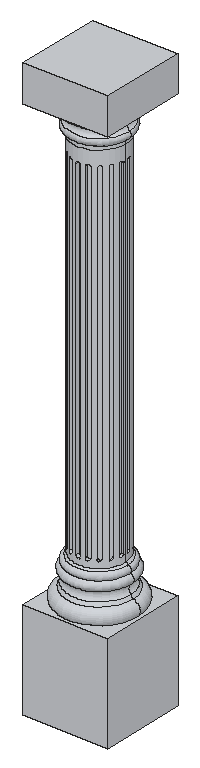
Revit family
Parameters
  column1 = 0' - 0"
  Width = 2' - 0"
  Depth = 2' - 0"
  Column2 = none
Reference planes (in)
  plane 1 "Center (Front/Back)": y = 0
  plane 2: z = 0
  plane 3 "Center (Left/Right)": x = 0
  plane 4 "Left": x = -12
  plane 5 "Right": x = 12
  plane 6 "Back": y = 12
  plane 7 "Front": y = -12
Forms (in)
  Revolve 1, solid, material <- "Column2"
    sketch origin (0, 0, 0) x (1, 0, 0) y (0, 0, 1)
      loop
        arc (-6.72919, 101.50132) -> (-6.51163, 100.43041) -> (-5.63453, 99.7786) r 1.52818
        arc (-5.63453, 99.7786) -> (-5.08286, 98.98368) -> (-5.54841, 98.13545) r 0.91913
        arc (-5.54841, 98.13545) -> (-5.78271, 97.47698) -> (-5.39608, 96.89476) r 0.7808
        line (-5.39608, 96.89476) -> (-4.96231, 96.64608) -> (-4.96231, 95.89608) -> (-4.8142, 95.89608) -> (-4.8142, 26.39608) -> (-5.16775, 26.04253)
        arc (-5.16775, 26.04253) -> (-5.75908, 25.5466) -> (-5.59843, 24.79174) r 0.74891
        arc (-5.59843, 24.79174) -> (-6.3129, 24.0542) -> (-5.8294, 23.14829) r 0.87163
        arc (-5.8294, 23.14829) -> (-5.45471, 22.27329) -> (-5.8294, 21.39829) r 1.20901
        line (-5.8294, 21.39829) -> (-6.2044, 20.74877)
        arc (-6.2044, 20.74877) -> (-7.43065, 19.73184) -> (-7.14496, 18.16461) r 1.5773
        line (-7.14496, 18.16461) -> (0, 18.16461) -> (0, 101.50132) -> (-6.72919, 101.50132)
      axis (0, 101.50132) -> (0, 18.16461)
    angle from 0 to 360
  Extrusion 2, solid, material <- "Column2"
    sketch origin (0, 0, 108) x (1, 0, 0) y (0, 1, 0)
      loop
        line (-7.875, 8.25) -> (-7.875, -7.82528) -> (7.86403, -7.82528) -> (7.86403, 8.25) -> (-7.875, 8.25)
    from 0.25132 to -6.49868
  Extrusion 3, solid, material <- "Column2"
    sketch origin (0, 0, 0) x (1, 0, 0) y (0, 1, 0)
      loop
        line (-7.875, 8.25) -> (-7.875, -7.82528) -> (7.86403, -7.82528) -> (7.86403, 8.25) -> (-7.875, 8.25)
    from 0 to 18.25
  Extrusion 4, void, not visible
    sketch origin (0, -12, 0) x (1, 0, 0) y (0, 0, 1)
      loop
        line (-0.51713, 93.02583) -> (-0.51713, 28.10899)
        arc (-0.51713, 28.10899) -> (-0.07166, 27.66352) -> (0.37382, 28.10899) r 0.44548
        line (0.37382, 28.10899) -> (0.37382, 93.02583)
        arc (0.37382, 93.02583) -> (-0.07166, 93.47131) -> (-0.51713, 93.02583) r 0.44548
    from -7.8626 to -3.34327
  Extrusion 5, void, not visible
    sketch origin (0, 0.75, 0) x (1, 0, 0) y (0, 0, 1)
      loop
        line (-0.51713, 93.02583) -> (-0.51713, 28.10899)
        arc (-0.51713, 28.10899) -> (-0.07166, 27.66352) -> (0.37382, 28.10899) r 0.44548
        line (0.37382, 28.10899) -> (0.37382, 93.02583)
        arc (0.37382, 93.02583) -> (-0.07166, 93.47131) -> (-0.51713, 93.02583) r 0.44548
    from -7.8626 to -3.34327
  Extrusion 6, void, not visible
    sketch origin (0, -12, 0) x (1, 0, 0) y (0, 0, 1)
      loop
        line (-0.51713, 93.02583) -> (-0.51713, 28.10899)
        arc (-0.51713, 28.10899) -> (-0.07166, 27.66352) -> (0.37382, 28.10899) r 0.44548
        line (0.37382, 28.10899) -> (0.37382, 93.02583)
        arc (0.37382, 93.02583) -> (-0.07166, 93.47131) -> (-0.51713, 93.02583) r 0.44548
    from -7.8626 to -3.34327
  Extrusion 7, void, not visible
    sketch origin (0, 0.75, 0) x (1, 0, 0) y (0, 0, 1)
      loop
        line (-0.51713, 93.02583) -> (-0.51713, 28.10899)
        arc (-0.51713, 28.10899) -> (-0.07166, 27.66352) -> (0.37382, 28.10899) r 0.44548
        line (0.37382, 28.10899) -> (0.37382, 93.02583)
        arc (0.37382, 93.02583) -> (-0.07166, 93.47131) -> (-0.51713, 93.02583) r 0.44548
    from -7.8626 to -3.34327
  Extrusion 8, void, not visible
    sketch origin (-5.57463, -10.6613, 0) x (0.885456, -0.464723, 0) y (0, 0, 1)
      loop
        line (-0.51713, 93.02583) -> (-0.51713, 28.10899)
        arc (-0.51713, 28.10899) -> (-0.07166, 27.66352) -> (0.37382, 28.10899) r 0.44548
        line (0.37382, 28.10899) -> (0.37382, 93.02583)
        arc (0.37382, 93.02583) -> (-0.07166, 93.47131) -> (-0.51713, 93.02583) r 0.44548
    from -7.8626 to -3.34327
  Extrusion 9, void, not visible
    sketch origin (0.35059, 0.62826, 0) x (0.885456, -0.464723, 0) y (0, 0, 1)
      loop
        line (-0.51713, 93.02583) -> (-0.51713, 28.10899)
        arc (-0.51713, 28.10899) -> (-0.07166, 27.66352) -> (0.37382, 28.10899) r 0.44548
        line (0.37382, 28.10899) -> (0.37382, 93.02583)
        arc (0.37382, 93.02583) -> (-0.07166, 93.47131) -> (-0.51713, 93.02583) r 0.44548
    from -7.8626 to -3.34327
  Extrusion 10, void, not visible
    sketch origin (5.55822, -10.5947, 0) x (0.885456, 0.464723, 0) y (0, 0, 1)
      loop
        line (-0.51713, 93.02583) -> (-0.51713, 28.10899)
        arc (-0.51713, 28.10899) -> (-0.07166, 27.66352) -> (0.37382, 28.10899) r 0.44548
        line (0.37382, 28.10899) -> (0.37382, 93.02583)
        arc (0.37382, 93.02583) -> (-0.07166, 93.47131) -> (-0.51713, 93.02583) r 0.44548
    from -7.8626 to -3.34327
  Extrusion 11, void, not visible
    sketch origin (-0.367, 0.69487, 0) x (0.885456, 0.464723, 0) y (0, 0, 1)
      loop
        line (-0.51713, 93.02583) -> (-0.51713, 28.10899)
        arc (-0.51713, 28.10899) -> (-0.07166, 27.66352) -> (0.37382, 28.10899) r 0.44548
        line (0.37382, 28.10899) -> (0.37382, 93.02583)
        arc (0.37382, 93.02583) -> (-0.07166, 93.47131) -> (-0.51713, 93.02583) r 0.44548
    from -7.8626 to -3.34327
  Extrusion 12, void, not visible
    sketch origin (9.8267, -6.76733, 0) x (0.568065, 0.822984, 0) y (0, 0, 1)
      loop
        line (-0.51713, 93.02583) -> (-0.51713, 28.10899)
        arc (-0.51713, 28.10899) -> (-0.07166, 27.66352) -> (0.37382, 28.10899) r 0.44548
        line (0.37382, 28.10899) -> (0.37382, 93.02583)
        arc (0.37382, 93.02583) -> (-0.07166, 93.47131) -> (-0.51713, 93.02583) r 0.44548
    from -7.8626 to -3.34327
  Extrusion 13, void, not visible
    sketch origin (-0.66635, 0.47549, 0) x (0.568065, 0.822984, 0) y (0, 0, 1)
      loop
        line (-0.51713, 93.02583) -> (-0.51713, 28.10899)
        arc (-0.51713, 28.10899) -> (-0.07166, 27.66352) -> (0.37382, 28.10899) r 0.44548
        line (0.37382, 28.10899) -> (0.37382, 93.02583)
        arc (0.37382, 93.02583) -> (-0.07166, 93.47131) -> (-0.51713, 93.02583) r 0.44548
    from -7.8626 to -3.34327
  Extrusion 14, void, not visible
    sketch origin (11.82758, -1.39471, 0) x (0.120537, 0.992709, 0) y (0, 0, 1)
      loop
        line (-0.51713, 93.02583) -> (-0.51713, 28.10899)
        arc (-0.51713, 28.10899) -> (-0.07166, 27.66352) -> (0.37382, 28.10899) r 0.44548
        line (0.37382, 28.10899) -> (0.37382, 93.02583)
        arc (0.37382, 93.02583) -> (-0.07166, 93.47131) -> (-0.51713, 93.02583) r 0.44548
    from -7.8626 to -3.34327
  Extrusion 15, void, not visible
    sketch origin (-0.82946, 0.14213, 0) x (0.120537, 0.992709, 0) y (0, 0, 1)
      loop
        line (-0.51713, 93.02583) -> (-0.51713, 28.10899)
        arc (-0.51713, 28.10899) -> (-0.07166, 27.66352) -> (0.37382, 28.10899) r 0.44548
        line (0.37382, 28.10899) -> (0.37382, 93.02583)
        arc (0.37382, 93.02583) -> (-0.07166, 93.47131) -> (-0.51713, 93.02583) r 0.44548
    from -7.8626 to -3.34327
  Extrusion 16, void, not visible
    sketch origin (11.10249, 4.29237, 0) x (-0.354605, 0.935016, 0) y (0, 0, 1)
      loop
        line (-0.51713, 93.02583) -> (-0.51713, 28.10899)
        arc (-0.51713, 28.10899) -> (-0.07166, 27.66352) -> (0.37382, 28.10899) r 0.44548
        line (0.37382, 28.10899) -> (0.37382, 93.02583)
        arc (0.37382, 93.02583) -> (-0.07166, 93.47131) -> (-0.51713, 93.02583) r 0.44548
    from -7.8626 to -3.34327
  Extrusion 17, void, not visible
    sketch origin (-0.81896, -0.22884, 0) x (-0.354605, 0.935016, 0) y (0, 0, 1)
      loop
        line (-0.51713, 93.02583) -> (-0.51713, 28.10899)
        arc (-0.51713, 28.10899) -> (-0.07166, 27.66352) -> (0.37382, 28.10899) r 0.44548
        line (0.37382, 28.10899) -> (0.37382, 93.02583)
        arc (0.37382, 93.02583) -> (-0.07166, 93.47131) -> (-0.51713, 93.02583) r 0.44548
    from -7.8626 to -3.34327
  Extrusion 18, void, not visible
    sketch origin (7.81754, 8.99106, 0) x (-0.748511, 0.663123, 0) y (0, 0, 1)
      loop
        line (-0.51713, 93.02583) -> (-0.51713, 28.10899)
        arc (-0.51713, 28.10899) -> (-0.07166, 27.66352) -> (0.37382, 28.10899) r 0.44548
        line (0.37382, 28.10899) -> (0.37382, 93.02583)
        arc (0.37382, 93.02583) -> (-0.07166, 93.47131) -> (-0.51713, 93.02583) r 0.44548
    from -7.8626 to -3.34327
  Extrusion 19, void, not visible
    sketch origin (-0.63727, -0.55245, 0) x (-0.748511, 0.663123, 0) y (0, 0, 1)
      loop
        line (-0.51713, 93.02583) -> (-0.51713, 28.10899)
        arc (-0.51713, 28.10899) -> (-0.07166, 27.66352) -> (0.37382, 28.10899) r 0.44548
        line (0.37382, 28.10899) -> (0.37382, 93.02583)
        arc (0.37382, 93.02583) -> (-0.07166, 93.47131) -> (-0.51713, 93.02583) r 0.44548
    from -7.8626 to -3.34327
  Extrusion 20, void, not visible
    sketch origin (2.72527, 11.62496, 0) x (-0.970942, 0.239316, 0) y (0, 0, 1)
      loop
        line (-0.51713, 93.02583) -> (-0.51713, 28.10899)
        arc (-0.51713, 28.10899) -> (-0.07166, 27.66352) -> (0.37382, 28.10899) r 0.44548
        line (0.37382, 28.10899) -> (0.37382, 93.02583)
        arc (0.37382, 93.02583) -> (-0.07166, 93.47131) -> (-0.51713, 93.02583) r 0.44548
    from -7.8626 to -3.34327
  Extrusion 21, void, not visible
    sketch origin (-0.326, -0.75455, 0) x (-0.970942, 0.239316, 0) y (0, 0, 1)
      loop
        line (-0.51713, 93.02583) -> (-0.51713, 28.10899)
        arc (-0.51713, 28.10899) -> (-0.07166, 27.66352) -> (0.37382, 28.10899) r 0.44548
        line (0.37382, 28.10899) -> (0.37382, 93.02583)
        arc (0.37382, 93.02583) -> (-0.07166, 93.47131) -> (-0.51713, 93.02583) r 0.44548
    from -7.8626 to -3.34327
  Extrusion 22, void, not visible
    sketch origin (-3.00774, 11.59066, 0) x (-0.970942, -0.239316, 0) y (0, 0, 1)
      loop
        line (-0.51713, 93.02583) -> (-0.51713, 28.10899)
        arc (-0.51713, 28.10899) -> (-0.07166, 27.66352) -> (0.37382, 28.10899) r 0.44548
        line (0.37382, 28.10899) -> (0.37382, 93.02583)
        arc (0.37382, 93.02583) -> (-0.07166, 93.47131) -> (-0.51713, 93.02583) r 0.44548
    from -7.8626 to -3.34327
  Extrusion 23, void, not visible
    sketch origin (0.04353, -0.78885, 0) x (-0.970942, -0.239316, 0) y (0, 0, 1)
      loop
        line (-0.51713, 93.02583) -> (-0.51713, 28.10899)
        arc (-0.51713, 28.10899) -> (-0.07166, 27.66352) -> (0.37382, 28.10899) r 0.44548
        line (0.37382, 28.10899) -> (0.37382, 93.02583)
        arc (0.37382, 93.02583) -> (-0.07166, 93.47131) -> (-0.51713, 93.02583) r 0.44548
    from -7.8626 to -3.34327
  Extrusion 24, void, not visible
    sketch origin (-8.06813, 8.89603, 0) x (-0.748511, -0.663123, 0) y (0, 0, 1)
      loop
        line (-0.51713, 93.02583) -> (-0.51713, 28.10899)
        arc (-0.51713, 28.10899) -> (-0.07166, 27.66352) -> (0.37382, 28.10899) r 0.44548
        line (0.37382, 28.10899) -> (0.37382, 93.02583)
        arc (0.37382, 93.02583) -> (-0.07166, 93.47131) -> (-0.51713, 93.02583) r 0.44548
    from -7.8626 to -3.34327
  Extrusion 25, void, not visible
    sketch origin (0.38668, -0.64748, 0) x (-0.748511, -0.663123, 0) y (0, 0, 1)
      loop
        line (-0.51713, 93.02583) -> (-0.51713, 28.10899)
        arc (-0.51713, 28.10899) -> (-0.07166, 27.66352) -> (0.37382, 28.10899) r 0.44548
        line (0.37382, 28.10899) -> (0.37382, 93.02583)
        arc (0.37382, 93.02583) -> (-0.07166, 93.47131) -> (-0.51713, 93.02583) r 0.44548
    from -7.8626 to -3.34327
  Extrusion 26, void, not visible
    sketch origin (-11.29663, 4.15837, 0) x (-0.354605, -0.935016, 0) y (0, 0, 1)
      loop
        line (-0.51713, 93.02583) -> (-0.51713, 28.10899)
        arc (-0.51713, 28.10899) -> (-0.07166, 27.66352) -> (0.37382, 28.10899) r 0.44548
        line (0.37382, 28.10899) -> (0.37382, 93.02583)
        arc (0.37382, 93.02583) -> (-0.07166, 93.47131) -> (-0.51713, 93.02583) r 0.44548
    from -7.8626 to -3.34327
  Extrusion 27, void, not visible
    sketch origin (0.62483, -0.36285, 0) x (-0.354605, -0.935016, 0) y (0, 0, 1)
      loop
        line (-0.51713, 93.02583) -> (-0.51713, 28.10899)
        arc (-0.51713, 28.10899) -> (-0.07166, 27.66352) -> (0.37382, 28.10899) r 0.44548
        line (0.37382, 28.10899) -> (0.37382, 93.02583)
        arc (0.37382, 93.02583) -> (-0.07166, 93.47131) -> (-0.51713, 93.02583) r 0.44548
    from -7.8626 to -3.34327
  Extrusion 28, void, not visible
    sketch origin (-11.95362, -1.53698, 0) x (0.120537, -0.992709, 0) y (0, 0, 1)
      loop
        line (-0.51713, 93.02583) -> (-0.51713, 28.10899)
        arc (-0.51713, 28.10899) -> (-0.07166, 27.66352) -> (0.37382, 28.10899) r 0.44548
        line (0.37382, 28.10899) -> (0.37382, 93.02583)
        arc (0.37382, 93.02583) -> (-0.07166, 93.47131) -> (-0.51713, 93.02583) r 0.44548
    from -7.8626 to -3.34327
  Extrusion 29, void, not visible
    sketch origin (0.70342, -0.00014, 0) x (0.120537, -0.992709, 0) y (0, 0, 1)
      loop
        line (-0.51713, 93.02583) -> (-0.51713, 28.10899)
        arc (-0.51713, 28.10899) -> (-0.07166, 27.66352) -> (0.37382, 28.10899) r 0.44548
        line (0.37382, 28.10899) -> (0.37382, 93.02583)
        arc (0.37382, 93.02583) -> (-0.07166, 93.47131) -> (-0.51713, 93.02583) r 0.44548
    from -7.8626 to -3.34327
  Extrusion 30, void, not visible
    sketch origin (-9.8886, -6.88528, 0) x (0.568065, -0.822984, 0) y (0, 0, 1)
      loop
        line (-0.51713, 93.02583) -> (-0.51713, 28.10899)
        arc (-0.51713, 28.10899) -> (-0.07166, 27.66352) -> (0.37382, 28.10899) r 0.44548
        line (0.37382, 28.10899) -> (0.37382, 93.02583)
        arc (0.37382, 93.02583) -> (-0.07166, 93.47131) -> (-0.51713, 93.02583) r 0.44548
    from -7.8626 to -3.34327
  Extrusion 31, void, not visible
    sketch origin (0.60445, 0.35754, 0) x (0.568065, -0.822984, 0) y (0, 0, 1)
      loop
        line (-0.51713, 93.02583) -> (-0.51713, 28.10899)
        arc (-0.51713, 28.10899) -> (-0.07166, 27.66352) -> (0.37382, 28.10899) r 0.44548
        line (0.37382, 28.10899) -> (0.37382, 93.02583)
        arc (0.37382, 93.02583) -> (-0.07166, 93.47131) -> (-0.51713, 93.02583) r 0.44548
    from -7.8626 to -3.34327
  Extrusion 32, void
    sketch origin (0, -12, 0) x (1, 0, 0) y (0, 0, 1)
      loop
        line (-0.45905, 92.8976) -> (-0.45905, 27.8976)
        arc (-0.45905, 27.8976) -> (-0.02796, 27.46651) -> (0.40313, 27.8976) r 0.43109
        line (0.40313, 27.8976) -> (0.40313, 92.8976)
        arc (0.40313, 92.8976) -> (-0.02796, 93.32869) -> (-0.45905, 92.8976) r 0.43109
    from -4.50101 to -7.84756
  Extrusion 33, void
    sketch origin (-4.10424, -11.27631, 0) x (0.939693, -0.34202, 0) y (0, 0, 1)
      loop
        line (-0.45905, 92.8976) -> (-0.45905, 27.8976)
        arc (-0.45905, 27.8976) -> (-0.02796, 27.46651) -> (0.40313, 27.8976) r 0.43109
        line (0.40313, 27.8976) -> (0.40313, 92.8976)
        arc (0.40313, 92.8976) -> (-0.02796, 93.32869) -> (-0.45905, 92.8976) r 0.43109
    from -4.50101 to -7.84756
  Extrusion 34, void
    sketch origin (4.10424, -11.27631, 0) x (0.939693, 0.34202, 0) y (0, 0, 1)
      loop
        line (-0.45905, 92.8976) -> (-0.45905, 27.8976)
        arc (-0.45905, 27.8976) -> (-0.02796, 27.46651) -> (0.40313, 27.8976) r 0.43109
        line (0.40313, 27.8976) -> (0.40313, 92.8976)
        arc (0.40313, 92.8976) -> (-0.02796, 93.32869) -> (-0.45905, 92.8976) r 0.43109
    from -4.50101 to -7.84756
  Extrusion 35, void
    sketch origin (7.71345, -9.19253, 0) x (0.766044, 0.642788, 0) y (0, 0, 1)
      loop
        line (-0.45905, 92.8976) -> (-0.45905, 27.8976)
        arc (-0.45905, 27.8976) -> (-0.02796, 27.46651) -> (0.40313, 27.8976) r 0.43109
        line (0.40313, 27.8976) -> (0.40313, 92.8976)
        arc (0.40313, 92.8976) -> (-0.02796, 93.32869) -> (-0.45905, 92.8976) r 0.43109
    from -4.50101 to -7.84756
  Extrusion 36, void
    sketch origin (10.3923, -6, 0) x (0.5, 0.866025, 0) y (0, 0, 1)
      loop
        line (-0.45905, 92.8976) -> (-0.45905, 27.8976)
        arc (-0.45905, 27.8976) -> (-0.02796, 27.46651) -> (0.40313, 27.8976) r 0.43109
        line (0.40313, 27.8976) -> (0.40313, 92.8976)
        arc (0.40313, 92.8976) -> (-0.02796, 93.32869) -> (-0.45905, 92.8976) r 0.43109
    from -4.50101 to -7.84756
  Extrusion 37, void
    sketch origin (11.81769, -2.08378, 0) x (0.173648, 0.984808, 0) y (0, 0, 1)
      loop
        line (-0.45905, 92.8976) -> (-0.45905, 27.8976)
        arc (-0.45905, 27.8976) -> (-0.02796, 27.46651) -> (0.40313, 27.8976) r 0.43109
        line (0.40313, 27.8976) -> (0.40313, 92.8976)
        arc (0.40313, 92.8976) -> (-0.02796, 93.32869) -> (-0.45905, 92.8976) r 0.43109
    from -4.50101 to -7.84756
  Extrusion 38, void
    sketch origin (11.81769, 2.08378, 0) x (-0.173648, 0.984808, 0) y (0, 0, 1)
      loop
        line (-0.45905, 92.8976) -> (-0.45905, 27.8976)
        arc (-0.45905, 27.8976) -> (-0.02796, 27.46651) -> (0.40313, 27.8976) r 0.43109
        line (0.40313, 27.8976) -> (0.40313, 92.8976)
        arc (0.40313, 92.8976) -> (-0.02796, 93.32869) -> (-0.45905, 92.8976) r 0.43109
    from -4.50101 to -7.84756
  Extrusion 39, void
    sketch origin (10.3923, 6, 0) x (-0.5, 0.866025, 0) y (0, 0, 1)
      loop
        line (-0.45905, 92.8976) -> (-0.45905, 27.8976)
        arc (-0.45905, 27.8976) -> (-0.02796, 27.46651) -> (0.40313, 27.8976) r 0.43109
        line (0.40313, 27.8976) -> (0.40313, 92.8976)
        arc (0.40313, 92.8976) -> (-0.02796, 93.32869) -> (-0.45905, 92.8976) r 0.43109
    from -4.50101 to -7.84756
  Extrusion 40, void
    sketch origin (7.71345, 9.19253, 0) x (-0.766044, 0.642788, 0) y (0, 0, 1)
      loop
        line (-0.45905, 92.8976) -> (-0.45905, 27.8976)
        arc (-0.45905, 27.8976) -> (-0.02796, 27.46651) -> (0.40313, 27.8976) r 0.43109
        line (0.40313, 27.8976) -> (0.40313, 92.8976)
        arc (0.40313, 92.8976) -> (-0.02796, 93.32869) -> (-0.45905, 92.8976) r 0.43109
    from -4.50101 to -7.84756
  Extrusion 41, void
    sketch origin (4.10424, 11.27631, 0) x (-0.939693, 0.34202, 0) y (0, 0, 1)
      loop
        line (-0.45905, 92.8976) -> (-0.45905, 27.8976)
        arc (-0.45905, 27.8976) -> (-0.02796, 27.46651) -> (0.40313, 27.8976) r 0.43109
        line (0.40313, 27.8976) -> (0.40313, 92.8976)
        arc (0.40313, 92.8976) -> (-0.02796, 93.32869) -> (-0.45905, 92.8976) r 0.43109
    from -4.50101 to -7.84756
  Extrusion 42, void
    sketch origin (0, 12, 0) x (-1, 0, 0) y (0, 0, 1)
      loop
        line (-0.45905, 92.8976) -> (-0.45905, 27.8976)
        arc (-0.45905, 27.8976) -> (-0.02796, 27.46651) -> (0.40313, 27.8976) r 0.43109
        line (0.40313, 27.8976) -> (0.40313, 92.8976)
        arc (0.40313, 92.8976) -> (-0.02796, 93.32869) -> (-0.45905, 92.8976) r 0.43109
    from -4.50101 to -7.84756
  Extrusion 43, void
    sketch origin (-4.10424, 11.27631, 0) x (-0.939693, -0.34202, 0) y (0, 0, 1)
      loop
        line (-0.45905, 92.8976) -> (-0.45905, 27.8976)
        arc (-0.45905, 27.8976) -> (-0.02796, 27.46651) -> (0.40313, 27.8976) r 0.43109
        line (0.40313, 27.8976) -> (0.40313, 92.8976)
        arc (0.40313, 92.8976) -> (-0.02796, 93.32869) -> (-0.45905, 92.8976) r 0.43109
    from -4.50101 to -7.84756
  Extrusion 44, void
    sketch origin (-7.71345, 9.19253, 0) x (-0.766044, -0.642788, 0) y (0, 0, 1)
      loop
        line (-0.45905, 92.8976) -> (-0.45905, 27.8976)
        arc (-0.45905, 27.8976) -> (-0.02796, 27.46651) -> (0.40313, 27.8976) r 0.43109
        line (0.40313, 27.8976) -> (0.40313, 92.8976)
        arc (0.40313, 92.8976) -> (-0.02796, 93.32869) -> (-0.45905, 92.8976) r 0.43109
    from -4.50101 to -7.84756
  Extrusion 45, void
    sketch origin (-10.3923, 6, 0) x (-0.5, -0.866025, 0) y (0, 0, 1)
      loop
        line (-0.45905, 92.8976) -> (-0.45905, 27.8976)
        arc (-0.45905, 27.8976) -> (-0.02796, 27.46651) -> (0.40313, 27.8976) r 0.43109
        line (0.40313, 27.8976) -> (0.40313, 92.8976)
        arc (0.40313, 92.8976) -> (-0.02796, 93.32869) -> (-0.45905, 92.8976) r 0.43109
    from -4.50101 to -7.84756
  Extrusion 46, void
    sketch origin (-11.81769, 2.08378, 0) x (-0.173648, -0.984808, 0) y (0, 0, 1)
      loop
        line (-0.45905, 92.8976) -> (-0.45905, 27.8976)
        arc (-0.45905, 27.8976) -> (-0.02796, 27.46651) -> (0.40313, 27.8976) r 0.43109
        line (0.40313, 27.8976) -> (0.40313, 92.8976)
        arc (0.40313, 92.8976) -> (-0.02796, 93.32869) -> (-0.45905, 92.8976) r 0.43109
    from -4.50101 to -7.84756
  Extrusion 47, void
    sketch origin (-11.81769, -2.08378, 0) x (0.173648, -0.984808, 0) y (0, 0, 1)
      loop
        line (-0.45905, 92.8976) -> (-0.45905, 27.8976)
        arc (-0.45905, 27.8976) -> (-0.02796, 27.46651) -> (0.40313, 27.8976) r 0.43109
        line (0.40313, 27.8976) -> (0.40313, 92.8976)
        arc (0.40313, 92.8976) -> (-0.02796, 93.32869) -> (-0.45905, 92.8976) r 0.43109
    from -4.50101 to -7.84756
  Extrusion 48, void
    sketch origin (-10.3923, -6, 0) x (0.5, -0.866025, 0) y (0, 0, 1)
      loop
        line (-0.45905, 92.8976) -> (-0.45905, 27.8976)
        arc (-0.45905, 27.8976) -> (-0.02796, 27.46651) -> (0.40313, 27.8976) r 0.43109
        line (0.40313, 27.8976) -> (0.40313, 92.8976)
        arc (0.40313, 92.8976) -> (-0.02796, 93.32869) -> (-0.45905, 92.8976) r 0.43109
    from -4.50101 to -7.84756
  Extrusion 49, void
    sketch origin (-7.71345, -9.19253, 0) x (0.766044, -0.642788, 0) y (0, 0, 1)
      loop
        line (-0.45905, 92.8976) -> (-0.45905, 27.8976)
        arc (-0.45905, 27.8976) -> (-0.02796, 27.46651) -> (0.40313, 27.8976) r 0.43109
        line (0.40313, 27.8976) -> (0.40313, 92.8976)
        arc (0.40313, 92.8976) -> (-0.02796, 93.32869) -> (-0.45905, 92.8976) r 0.43109
    from -4.50101 to -7.84756
Cuts and joins
  Extrusion 32, Extrusion 33, Extrusion 34, Extrusion 35, Extrusion 36, Extrusion 37, Extrusion 38, Extrusion 39, Extrusion 40, Extrusion 41, Extrusion 42, Extrusion 43, Extrusion 44, Extrusion 45, Extrusion 46, Extrusion 47, Extrusion 48, Extrusion 49 cuts Revolve 1
  Extrusion 33, Extrusion 34, Extrusion 35, Extrusion 36, Extrusion 37, Extrusion 38, Extrusion 39, Extrusion 40, Extrusion 41, Extrusion 42, Extrusion 43, Extrusion 44, Extrusion 45, Extrusion 46, Extrusion 47, Extrusion 48, Extrusion 49 cuts Extrusion 2
  Extrusion 33, Extrusion 34, Extrusion 35, Extrusion 36, Extrusion 37, Extrusion 38, Extrusion 39, Extrusion 40, Extrusion 41, Extrusion 42, Extrusion 43, Extrusion 44, Extrusion 45, Extrusion 46, Extrusion 47, Extrusion 48, Extrusion 49 cuts Extrusion 3
  joined: Revolve 1, Extrusion 2, Extrusion 3
Dimensions and locks (in)
  equal spacing: plane 4 "Left", plane 3 "Center (Left/Right)", plane 5 "Right"
  equal spacing: plane 7 "Front", plane 1 "Center (Front/Back)", plane 6 "Back"
  "Depth": plane 7 "Front" to plane 6 "Back"
  "Width": plane 4 "Left" to plane 5 "Right"
  aligned and locked: level to plane 2
Automatic sketch dimensions
  Revolve 1 sketch curve to plane 3 "Center (Left/Right)" = 0' - 0"  (x2)
  Revolve 1 sketch curve to plane 3 "Center (Left/Right)" = 0' - 4.8142"
  Revolve 1 sketch curve to Revolve 1 sketch curve = 0' - 0.14811"
  Revolve 1 sketch curve to Revolve 1 sketch curve = 0' - 0.04543"
  Revolve 1 sketch curve to Revolve 1 sketch curve = 0' - 0.23677"
  Revolve 1 sketch curve to Revolve 1 sketch curve = 0' - 0.35355"  (x2)
  Revolve 1 sketch curve to Revolve 1 sketch curve = 0' - 0.21408"
  Revolve 1 sketch curve to Revolve 1 sketch curve = 0' - 0.43377"
  Revolve 1 sketch curve to Revolve 1 sketch curve = 0' - 0.39879"
  Revolve 1 sketch curve to Revolve 1 sketch curve = 0' - 0.54068"
  Revolve 1 sketch curve to Revolve 1 sketch curve = 0' - 0.54746"
  Revolve 1 sketch curve to Revolve 1 sketch curve = 0' - 0.41271"
  Revolve 1 sketch curve to Revolve 1 sketch curve = 0' - 0.37964"
  Revolve 1 sketch curve to Revolve 1 sketch curve = 0' - 0"
  Revolve 1 sketch curve to Revolve 1 sketch curve = 0' - 0.11907"
  Revolve 1 sketch curve to Revolve 1 sketch curve = 0' - 0.3662"
  Revolve 1 sketch curve to Revolve 1 sketch curve = 0' - 0 3/8"
  Revolve 1 sketch curve to Revolve 1 sketch curve = 0' - 0.83431"
  Revolve 1 sketch curve to Revolve 1 sketch curve = 0' - 1.50738"
  Revolve 1 sketch curve to Revolve 1 sketch curve = 0' - 1.19648"
  level to Revolve 1 sketch curve = 1' - 6.16461"
  Revolve 1 sketch curve to Revolve 1 sketch curve = 0' - 1.02776"
  Revolve 1 sketch curve to Revolve 1 sketch curve = 0' - 0.64952"
  Revolve 1 sketch curve to Revolve 1 sketch curve = 0' - 0 7/8"
  Revolve 1 sketch curve to Revolve 1 sketch curve = 0' - 0.7846"
  Revolve 1 sketch curve to Revolve 1 sketch curve = 0' - 0.51103"
  Revolve 1 sketch curve to Revolve 1 sketch curve = 2' - 9 1/2"
  Revolve 1 sketch curve to level = 1' - 0.10392"
  Revolve 1 sketch curve to Revolve 1 sketch curve = 0' - 0 3/4"
  Revolve 1 sketch curve to Revolve 1 sketch curve = 0' - 0.24868"
  Revolve 1 sketch curve to Revolve 1 sketch curve = 0' - 0.67738"
  Revolve 1 sketch curve to Revolve 1 sketch curve = 0' - 0.32394"
  Revolve 1 sketch curve to Revolve 1 sketch curve = 0' - 0.80013"
  Revolve 1 sketch curve to Revolve 1 sketch curve = 0' - 1.4714"
  Extrusion 2 sketch curve to plane 4 "Left" = 0' - 4 1/8"
  plane 5 "Right" to Extrusion 2 sketch curve = 0' - 4.13597"
  Extrusion 2 sketch curve to plane 7 "Front" = 0' - 4.17472"
  plane 6 "Back" to Extrusion 2 sketch curve = 0' - 3 3/4"
  Extrusion 3 sketch curve to plane 4 "Left" = 0' - 4 1/8"
  plane 5 "Right" to Extrusion 3 sketch curve = 0' - 4.13597"
  Extrusion 3 sketch curve to plane 7 "Front" = 0' - 4.17472"
  plane 6 "Back" to Extrusion 3 sketch curve = 0' - 3 3/4"
  Extrusion 4 sketch curve to Extrusion 4 sketch curve = 0' - 0.44548"
  Extrusion 4 sketch curve to Extrusion 4 sketch curve = 5' - 4.91684"
  Extrusion 5 sketch curve to Extrusion 5 sketch curve = 0' - 0.44548"
  Extrusion 5 sketch curve to Extrusion 5 sketch curve = 5' - 4.91684"
  Extrusion 6 sketch curve to Extrusion 6 sketch curve = 0' - 0.44548"
  Extrusion 6 sketch curve to Extrusion 6 sketch curve = 5' - 4.91684"
  Extrusion 7 sketch curve to Extrusion 7 sketch curve = 0' - 0.44548"
  Extrusion 7 sketch curve to Extrusion 7 sketch curve = 5' - 4.91684"
  Extrusion 8 sketch curve to Extrusion 8 sketch curve = 0' - 0.44548"
  Extrusion 8 sketch curve to Extrusion 8 sketch curve = 5' - 4.91684"
  Extrusion 9 sketch curve to Extrusion 9 sketch curve = 0' - 0.44548"
  Extrusion 9 sketch curve to Extrusion 9 sketch curve = 5' - 4.91684"
  Extrusion 10 sketch curve to Extrusion 10 sketch curve = 0' - 0.44548"
  Extrusion 10 sketch curve to Extrusion 10 sketch curve = 5' - 4.91684"
  Extrusion 11 sketch curve to Extrusion 11 sketch curve = 0' - 0.44548"
  Extrusion 11 sketch curve to Extrusion 11 sketch curve = 5' - 4.91684"
  Extrusion 12 sketch curve to Extrusion 12 sketch curve = 0' - 0.44548"
  Extrusion 12 sketch curve to Extrusion 12 sketch curve = 5' - 4.91684"
  Extrusion 13 sketch curve to Extrusion 13 sketch curve = 0' - 0.44548"
  Extrusion 13 sketch curve to Extrusion 13 sketch curve = 5' - 4.91684"
  Extrusion 14 sketch curve to Extrusion 14 sketch curve = 0' - 0.44548"
  Extrusion 14 sketch curve to Extrusion 14 sketch curve = 5' - 4.91684"
  Extrusion 15 sketch curve to Extrusion 15 sketch curve = 0' - 0.44548"
  Extrusion 15 sketch curve to Extrusion 15 sketch curve = 5' - 4.91684"
  Extrusion 16 sketch curve to Extrusion 16 sketch curve = 0' - 0.44548"
  Extrusion 16 sketch curve to Extrusion 16 sketch curve = 5' - 4.91684"
  Extrusion 17 sketch curve to Extrusion 17 sketch curve = 0' - 0.44548"
  Extrusion 17 sketch curve to Extrusion 17 sketch curve = 5' - 4.91684"
  Extrusion 18 sketch curve to Extrusion 18 sketch curve = 0' - 0.44548"
  Extrusion 18 sketch curve to Extrusion 18 sketch curve = 5' - 4.91684"
  Extrusion 19 sketch curve to Extrusion 19 sketch curve = 0' - 0.44548"
  Extrusion 19 sketch curve to Extrusion 19 sketch curve = 5' - 4.91684"
  Extrusion 20 sketch curve to Extrusion 20 sketch curve = 0' - 0.44548"
  Extrusion 20 sketch curve to Extrusion 20 sketch curve = 5' - 4.91684"
  Extrusion 21 sketch curve to Extrusion 21 sketch curve = 0' - 0.44548"
  Extrusion 21 sketch curve to Extrusion 21 sketch curve = 5' - 4.91684"
  Extrusion 22 sketch curve to Extrusion 22 sketch curve = 0' - 0.44548"
  Extrusion 22 sketch curve to Extrusion 22 sketch curve = 5' - 4.91684"
  Extrusion 23 sketch curve to Extrusion 23 sketch curve = 0' - 0.44548"
  Extrusion 23 sketch curve to Extrusion 23 sketch curve = 5' - 4.91684"
  Extrusion 24 sketch curve to Extrusion 24 sketch curve = 0' - 0.44548"
  Extrusion 24 sketch curve to Extrusion 24 sketch curve = 5' - 4.91684"
  Extrusion 25 sketch curve to Extrusion 25 sketch curve = 0' - 0.44548"
  Extrusion 25 sketch curve to Extrusion 25 sketch curve = 5' - 4.91684"
  Extrusion 26 sketch curve to Extrusion 26 sketch curve = 0' - 0.44548"
  Extrusion 26 sketch curve to Extrusion 26 sketch curve = 5' - 4.91684"
  Extrusion 27 sketch curve to Extrusion 27 sketch curve = 0' - 0.44548"
  Extrusion 27 sketch curve to Extrusion 27 sketch curve = 5' - 4.91684"
  Extrusion 28 sketch curve to Extrusion 28 sketch curve = 0' - 0.44548"
  Extrusion 28 sketch curve to Extrusion 28 sketch curve = 5' - 4.91684"
  Extrusion 29 sketch curve to Extrusion 29 sketch curve = 0' - 0.44548"
  Extrusion 29 sketch curve to Extrusion 29 sketch curve = 5' - 4.91684"
  Extrusion 30 sketch curve to Extrusion 30 sketch curve = 0' - 0.44548"
  Extrusion 30 sketch curve to Extrusion 30 sketch curve = 5' - 4.91684"
  Extrusion 31 sketch curve to Extrusion 31 sketch curve = 0' - 0.44548"
  Extrusion 31 sketch curve to Extrusion 31 sketch curve = 5' - 4.91684"
  Extrusion 32 sketch curve to plane 3 "Center (Left/Right)" = 0' - 0.45905"
  Extrusion 32 sketch curve to plane 3 "Center (Left/Right)" = 0' - 0.02796"
  Extrusion 33 sketch curve to level = 1' - 3.1024"
  Extrusion 33 sketch curve to Extrusion 33 sketch curve = 0' - 0.43109"
  level to Extrusion 33 sketch curve = 2' - 3.8976"
  Extrusion 34 sketch curve to level = 1' - 3.1024"
  Extrusion 34 sketch curve to Extrusion 34 sketch curve = 0' - 0.43109"
  level to Extrusion 34 sketch curve = 2' - 3.8976"
  Extrusion 35 sketch curve to level = 1' - 3.1024"
  Extrusion 35 sketch curve to Extrusion 35 sketch curve = 0' - 0.43109"
  level to Extrusion 35 sketch curve = 2' - 3.8976"
  Extrusion 36 sketch curve to level = 1' - 3.1024"
  Extrusion 36 sketch curve to Extrusion 36 sketch curve = 0' - 0.43109"
  level to Extrusion 36 sketch curve = 2' - 3.8976"
  Extrusion 37 sketch curve to level = 1' - 3.1024"
  Extrusion 37 sketch curve to Extrusion 37 sketch curve = 0' - 0.43109"
  level to Extrusion 37 sketch curve = 2' - 3.8976"
  Extrusion 38 sketch curve to level = 1' - 3.1024"
  Extrusion 38 sketch curve to Extrusion 38 sketch curve = 0' - 0.43109"
  level to Extrusion 38 sketch curve = 2' - 3.8976"
  Extrusion 39 sketch curve to level = 1' - 3.1024"
  Extrusion 39 sketch curve to Extrusion 39 sketch curve = 0' - 0.43109"
  level to Extrusion 39 sketch curve = 2' - 3.8976"
  Extrusion 40 sketch curve to level = 1' - 3.1024"
  Extrusion 40 sketch curve to Extrusion 40 sketch curve = 0' - 0.43109"
  level to Extrusion 40 sketch curve = 2' - 3.8976"
  Extrusion 41 sketch curve to level = 1' - 3.1024"
  Extrusion 41 sketch curve to Extrusion 41 sketch curve = 0' - 0.43109"
  level to Extrusion 41 sketch curve = 2' - 3.8976"
  plane 3 "Center (Left/Right)" to Extrusion 42 sketch curve = 0' - 0.45905"
  plane 3 "Center (Left/Right)" to Extrusion 42 sketch curve = 0' - 0.02796"
  level to Extrusion 42 sketch curve = 2' - 3.8976"
  Extrusion 42 sketch curve to level = 1' - 3.1024"
  Extrusion 43 sketch curve to level = 1' - 3.1024"
  Extrusion 43 sketch curve to Extrusion 43 sketch curve = 0' - 0.43109"
  level to Extrusion 43 sketch curve = 2' - 3.8976"
  Extrusion 44 sketch curve to level = 1' - 3.1024"
  Extrusion 44 sketch curve to Extrusion 44 sketch curve = 0' - 0.43109"
  level to Extrusion 44 sketch curve = 2' - 3.8976"
  Extrusion 45 sketch curve to level = 1' - 3.1024"
  Extrusion 45 sketch curve to Extrusion 45 sketch curve = 0' - 0.43109"
  level to Extrusion 45 sketch curve = 2' - 3.8976"
  Extrusion 46 sketch curve to level = 1' - 3.1024"
  Extrusion 46 sketch curve to Extrusion 46 sketch curve = 0' - 0.43109"
  level to Extrusion 46 sketch curve = 2' - 3.8976"
  Extrusion 47 sketch curve to level = 1' - 3.1024"
  Extrusion 47 sketch curve to Extrusion 47 sketch curve = 0' - 0.43109"
  level to Extrusion 47 sketch curve = 2' - 3.8976"
  Extrusion 48 sketch curve to level = 1' - 3.1024"
  Extrusion 48 sketch curve to Extrusion 48 sketch curve = 0' - 0.43109"
  level to Extrusion 48 sketch curve = 2' - 3.8976"
  Extrusion 49 sketch curve to level = 1' - 3.1024"
  Extrusion 49 sketch curve to Extrusion 49 sketch curve = 0' - 0.43109"
  level to Extrusion 49 sketch curve = 2' - 3.8976"
  level to Extrusion 32 sketch curve = 2' - 3.8976"
  Extrusion 32 sketch curve to level = 1' - 3.1024"
